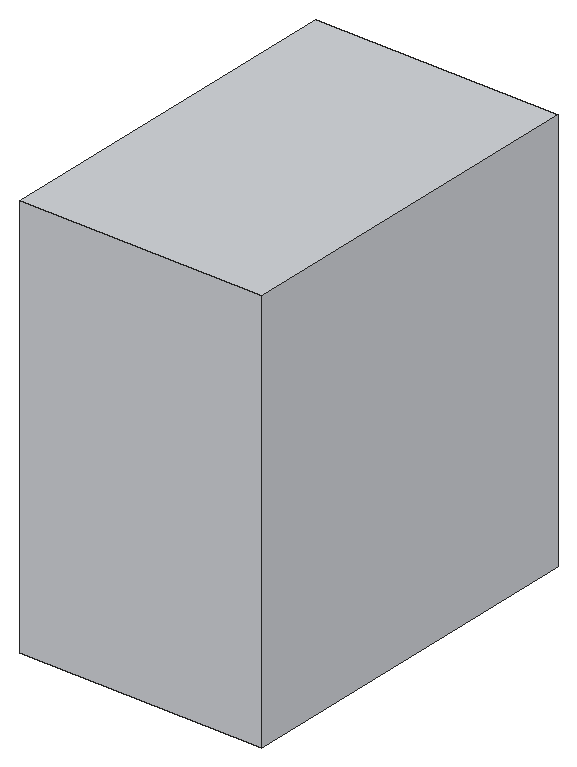
Revit family
Parameters
  Warranty Duration (Years) = 0
  Unit Width [instance] = 1' - 4 1/16"
  Unit Height [instance] = 3' - 5 1/4"
  Unit Depth = 0' - 0 1/2"
  URL = "http://www.americanspecialties.com/viewCategories.cfm"
  Trim Material = Metal - Stainless Steel
  Test Data = ""
  Specification = "http://www.arcat.com/sdspecs/htm/10810asi.htm"
  SpecWizard = ""
  Send Message = "http://www.arcat.com/users.pl?action=UserEmail&company=American%20Specialties,%20Inc.&coid=30448&rep=139&fax=914-476-0688&mf="
  Sales Information = "http://www.americanspecialties.com/contact"
  Revision = "R1_10-2010"
  Product Properties = "http://www.americanspecialties.com/datasheets/64696-9.pdf"
  Product Data = "http://www.arcat.com/arcatcos/cos30/arc30448.html"
  Model = "As Specified in 10 28 13"
  Manufacturer Website = "http://www.americanspecialties.com/viewCategories.cfm"
  Manufacturer Phone - Toll Free = ""
  Manufacturer Phone = "914-476-9000 "
  Manufacturer Fax = "914-476-0688"
  Manufacturer Address = "441 Saw Mill River Rd., Yonkers, NY 10701"
  Manufacturer = "American Specialties, Inc."
  Maintenance Schedule (Months) = 0
  Keynote = "10 28 13"
  Installation-Fabrication = "http://www.americanspecialties.com/products.cfm"
  Green Building-LEED = ""
  Expected Lifespan (Years) = 0
  Drawn By = "Robert S. Weygant. CSI, CDT, SCIP"  # constant formula
  Description = "Toilet Accessory as Specified in 10 28 13"
  Default Elevation = 4' - 0"
  Copyright = "©Arcat Inc."
  Construction Details = "http://www.arcat.com/green/clients/leed_data_30448.html"
  Building Codes = "http://www.americanspecialties.com/products.cfm"
  Body Material = Metal - Stainless Steel
  Assembly Code = "C1030210"
Reference planes (in)
  plane 1 "Center (Front/Back)": y = -0.29112
  plane 2 "Floor Line": z = 0
  plane 3 "Center (Left/Right)": x = -0.65843
Forms (in)
  Extrusion 1, solid
    sketch origin (-3, -9, -6) x (0, 0, -1) y (1, 0, 0)
      loop
        line (-82, 26) -> (-82, -19.34712) -> (-6, -19.34712) -> (-6, 26) -> (-82, 26)
    from 28.29112 to -41.06337
  Extrusion 2, solid, material "Metal - Stainless Steel" <- "Body Material"
    sketch origin (0, 0, 9.125) x (1, 0, 0) y (0, 1, 0)
      loop
        line (-7.68968, 19.33388) -> (-7.68968, -19.91612) -> (6.37282, -19.91612) -> (6.37282, 19.33388) -> (-7.68968, 19.33388)
    from 0 to -9.125
  Extrusion 3, solid, material "Metal - Stainless Steel" <- "Body Material"
    sketch origin (-0.90625, -0.29112, 9.125) x (1, 0, 0) y (0, 0, 1)
      loop
        line (-7.78343, 0) -> (8.27907, 0) -> (8.27907, 0.5) -> (-7.78343, 0.5) -> (-7.78343, 0)
    from -20.625 to 20.625
  Extrusion 4, solid, material "Metal - Stainless Steel" <- "Trim Material"
    sketch origin (0, 0, 8.6875) x (1, 0, 0) y (0, 1, 0)
      loop
        circle (5.37282, 11.83388) r 0.5
      loop
        line (5.316, 11.41524) -> (5.42963, 11.41524) -> (5.42963, 12.26475) -> (5.316, 12.26475) -> (5.316, 11.41524)
      loop
        circle (5.37282, -12.41612) r 0.5
      loop
        line (5.316, -11.99747) -> (5.316, -12.84698) -> (5.42963, -12.84698) -> (5.42963, -11.99747) -> (5.316, -11.99747)
    from 0.9375 to 1
  Extrusion 5, void
    sketch origin (-0.65843, 0, 9.125) x (0, 1, 0) y (0, 0, 1)
      loop
        line (6.70888, 0.5) -> (-1.79112, 0.5) -> (-1.79112, -8.72533) -> (6.70888, -8.72533) -> (6.70888, 0.5)
    from -6.03125 to 6.03125
  Extrusion 6, solid, material "Metal - Stainless Steel" <- "Trim Material"
    sketch origin (0, 0, 9.125) x (1, 0, 0) y (0, 1, 0)
      loop
        line (2.98508, 14.70888) -> (2.98508, 9.70888) -> (3.98508, 9.70888) -> (3.98508, 14.70888) -> (2.98508, 14.70888)
      loop
        line (3.04758, 9.77138) -> (3.92258, 9.77138) -> (3.92258, 14.64638) -> (3.04758, 14.64638) -> (3.04758, 9.77138)
    from 0.5 to 0.5625
  Extrusion 7, void
    sketch origin (0.0184, 0, 9.125) x (1, 0, 0) y (0, 1, 0)
      loop
        line (3.27142, 14.39428) -> (3.27142, 9.92475) -> (3.66193, 9.92475) -> (3.66193, 14.39428) -> (3.27142, 14.39428)
    from 0.04464 to 0.5
  Extrusion 8, solid, material "Metal - Stainless Steel" <- "Trim Material"
    sketch origin (-0.23664, -0.01827, 9.00524) x (0, 1, 0) y (0, 0, 1)
      loop
        line (14.48996, 0.86976) -> (14.23996, 1.36976) -> (13.98996, 1.36976) -> (13.98996, 0.86976) -> (14.48996, 0.86976)
    from 3.44343 to 4
  Extrusion 9, solid, material "Metal - Stainless Steel" <- "Trim Material"
    sketch origin (-0.65843, -0.09978, 9.00524) x (0, 1, 0) y (0, 0, 1)
      loop
        line (14.49406, 0.86976) -> (14.1489, 0.86976) -> (14.1489, 0.1644) -> (14.49406, 0.1644) -> (14.49406, 0.86976)
    from 3.94825 to 4.33876
  Extrusion 10, solid, material "Metal - Stainless Steel" <- "Body Material"
    sketch origin (0, 0, 3.125) x (1, 0, 0) y (0, 1, 0)
      loop
        line (-8.68968, 20.33388) -> (-8.68968, -20.91612) -> (7.37282, -20.91612) -> (7.37282, 20.33388) -> (-8.68968, 20.33388)
      loop
        line (-7.68968, 19.33388) -> (-7.68968, -19.91612) -> (6.37282, -19.91612) -> (6.37282, 19.33388) -> (-7.68968, 19.33388)
    from -3.125 to 6
  Extrusion 11, solid, material "Metal - Stainless Steel" <- "Body Material"
    sketch origin (0, 0, 3.125) x (1, 0, 0) y (0, 1, 0)
      loop
        line (-6.68968, 6.70888) -> (-6.68968, 4.20888) -> (5.37282, 4.20888) -> (5.37282, 6.70888) -> (4.87282, 6.70888) -> (4.41108, 4.70888) -> (-5.72795, 4.70888) -> (-6.18968, 6.70888) -> (-6.68968, 6.70888)
    from 0 to 6
  Extrusion 12, void
    sketch origin (0, 0, 3.125) x (1, 0, 0) y (0, 1, 0)
      loop
        line (3.28982, 14.39428) -> (3.28982, 9.98371) -> (3.68033, 9.98371) -> (3.68033, 14.39428) -> (3.28982, 14.39428)
    from 6.23715 to 6.5
  Extrusion 13, solid, material "Metal - Stainless Steel" <- "Body Material"
    sketch origin (0, 0, 0) x (1, 0, 0) y (0, 1, 0)
      loop
        line (-6.68968, 6.70888) -> (-6.68968, 4.20888) -> (5.37282, 4.20888) -> (5.37282, 6.70888) -> (4.87282, 6.70888) -> (4.41108, 4.70888) -> (-5.72795, 4.70888) -> (-6.18968, 6.70888) -> (-6.68968, 6.70888)
    from 9.125 to 0.39967
Cuts and joins
  Extrusion 5 cuts Extrusion 2
  Extrusion 5, Extrusion 12 cuts Extrusion 3
  Extrusion 5 cuts Extrusion 4
  Extrusion 5 cuts Extrusion 10
  Extrusion 5 cuts Extrusion 11
  Extrusion 7 cuts Extrusion 6
  Extrusion 7 cuts Extrusion 9
Dimensions and locks (in)
  Extrusion 3 sketch curve to Extrusion 3 sketch curve = 1' - 4 1/16"
  Extrusion 3 sketch curve to Extrusion 3 sketch curve = 0' - 0 1/2"
  aligned and locked: Extrusion 1 to level
